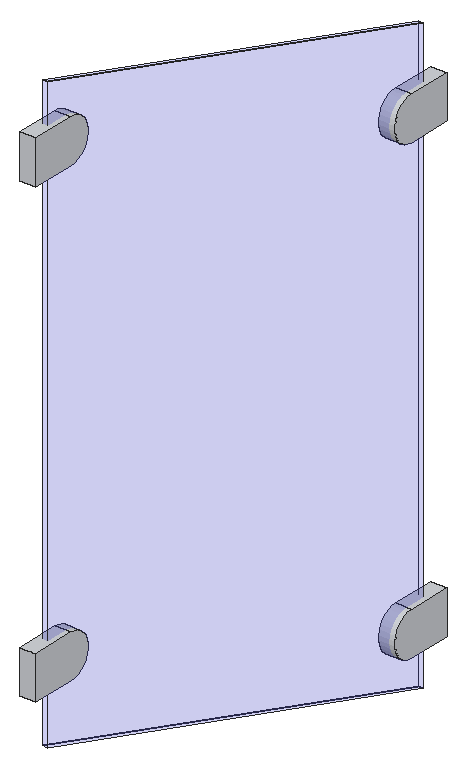
Revit family "난간동자 패널 - 브래킷이 있는 유리", category 난간동자, Revit 2026
Family settings
  항상 수직 = 예
  로드될 때 보이드를 사용하여 절단 = 아니오
  공유 = 아니오
Parameters (values of type "600mm(25mm 간격)")
  built-in parameter 1008623 [instance] = (empty or 0)
  두께 [instance] = 6 mm
  built-in parameter 1008625 [instance] = 18.00°
  Post = no
  패널 재료 = 유리
  폭 [instance] = 600 mm
  패널 간격 = 25 mm
  브래킷 간격띄우기 = 100 mm
  브래킷 재료 = none
  built-in parameter 1008624 [instance] = (empty or 0)
  built-in parameter 1008622 [instance] = 750 mm
Types (3, lengths in mm): name | 폭
  (no name) | 600
  600mm(25mm 간격) | 600
  450mm(25mm 간격) | 450
Reference planes
  plane 1 "중심(앞/뒤)": y = 0
  plane 2: z = 0
  plane 3 "중심(왼쪽/오른쪽)": x = 3.175
  plane 4 "상단": z = 750
  plane 5 "경사 각도(상단)": through (0, 220.419, 678.381) normal (0, -0.309, -0.9511)
  plane 6 "경사 각도(하단)": through (0, 0, 0) normal (0, -0.309, -0.9511)
  plane 7 "앞면": y = 300
  plane 8 "뒤로": y = -300
  plane 9: x = 0.175
  plane 10: x = 6.175
  plane 11: x = -6.175
  plane 12: x = 12.525
Forms (mm)
  Extrusion 1, solid, material "유리" <- "패널 재료"
    sketch origin (3.175, 0, 0) x (0, 1, 0) y (0, 0, 1)
      loop
        line (275, -63.066) -> (275, 634.361) -> (-275, 813.066) -> (-275, 115.639) -> (275, -63.066)
    from -3 to 3
  Extrusion 2, solid, material <- "브래킷 재료"
    sketch origin (3.175, 0, 0) x (0, 1, 0) y (0, 0, 1)
      loop
        line (300, 33.07) -> (249.2, 33.07)
        arc (249.2, 33.07) -> (223.8, 7.67) -> (249.2, -17.73) r 25.4
        line (249.2, -17.73) -> (300, -17.73) -> (300, 33.07)
    from -9.35 to 9.35
  Extrusion 3, solid, material <- "브래킷 재료"
    sketch origin (3.175, 0, 0) x (0, 1, 0) y (0, 0, 1)
      loop
        line (-300, 228.022) -> (-300, 177.222) -> (-249.2, 177.222)
        arc (-249.2, 177.222) -> (-223.8, 202.622) -> (-249.2, 228.022) r 25.4
        line (-249.2, 228.022) -> (-300, 228.022)
    from -9.35 to 9.35
  Extrusion 4, solid, material <- "브래킷 재료"
    sketch origin (3.175, 0, 0) x (0, 1, 0) y (0, 0, 1)
      loop
        line (300, 572.778) -> (249.2, 572.778)
        arc (249.2, 572.778) -> (223.8, 547.378) -> (249.2, 521.978) r 25.4
        line (249.2, 521.978) -> (300, 521.978) -> (300, 572.778)
    from -9.35 to 9.35
  Extrusion 5, solid, material <- "브래킷 재료"
    sketch origin (3.175, 0, 0) x (0, 1, 0) y (0, 0, 1)
      loop
        line (-300, 767.73) -> (-300, 716.93) -> (-249.2, 716.93)
        arc (-249.2, 716.93) -> (-223.8, 742.33) -> (-249.2, 767.73) r 25.4
        line (-249.2, 767.73) -> (-300, 767.73)
    from -9.35 to 9.35
Lines and regions (mm)
  model lines, style "InvisibleLines"
    curve 1: line (3.175, 300, 626.238) -> (3.175, -300, 821.189)
    curve 2: line (3.175, 300, -71.189) -> (3.175, -300, 123.762)
    curve 3: line (3.175, 275, -89.353) -> (3.175, 275, 660.647)
    curve 4: line (3.175, -275, 89.353) -> (3.175, -275, 839.353)
  symbolic lines, style "InvisibleLines"
    curve 5: line (0, 300, 7.67) -> (0, -300, 202.622)
    curve 6: line (0, 300, 547.378) -> (0, -300, 742.33)
Text (mm)
  text "난간동자 패널 입면도" at (0, 1279.138, 1234.25), in view "왼쪽"
Dimensions and locks
  "built-in parameter 1008622": plane 2 to plane 4 "상단"
  "폭": plane 8 "뒤로" to plane 7 "앞면"
  equal spacing: plane 8 "뒤로", plane 1 "중심(앞/뒤)", plane 7 "앞면"
  "두께": plane 9 to plane 10
  equal spacing: plane 9, plane 3 "중심(왼쪽/오른쪽)", plane 10
  "패널 간격": curve 1 to plane 5 "경사 각도(상단)"  (x2)
  "패널 간격": plane 6 "경사 각도(하단)" to curve 2  (x2)
  "패널 간격": plane 7 "앞면" to curve 3  (x2)
  "패널 간격": curve 4 to plane 8 "뒤로"  (x2)
  "브래킷 간격띄우기": plane 6 "경사 각도(하단)" to curve 5  (x2)
  locked: curve 5 to Extrusion 2 sketch curve at 25.4
  locked: Extrusion 2 sketch curve to curve 5 at 25.4
  locked: plane 11 to plane 9 at 6.35
  locked: plane 10 to plane 12 at 6.35
  locked: Extrusion 3 sketch curve to curve 5 at 25.4
  locked: curve 5 to Extrusion 3 sketch curve at 25.4
  "브래킷 간격띄우기": curve 6 to plane 5 "경사 각도(상단)"  (x2)
  locked: curve 6 to Extrusion 4 sketch curve at 25.4
  locked: Extrusion 4 sketch curve to curve 6 at 25.4
  locked: Extrusion 5 sketch curve to curve 6 at 25.4
  locked: curve 6 to Extrusion 5 sketch curve at 25.4
  "built-in parameter 1008625": angle plane 4 "상단" to plane 5 "경사 각도(상단)"
  "built-in parameter 1008625": angle level to plane 6 "경사 각도(하단)"
  aligned and locked: plane 9 to Extrusion 1
  aligned and locked: Extrusion 1 to plane 10
  aligned and locked: plane 8 "뒤로" to curve 2
  aligned and locked: plane 7 "앞면" to curve 2
  aligned and locked: plane 5 "경사 각도(상단)" to curve 4
  aligned and locked: plane 6 "경사 각도(하단)" to curve 4
  aligned and locked: plane 5 "경사 각도(상단)" to curve 3
  aligned and locked: plane 6 "경사 각도(하단)" to curve 3
  aligned and locked: curve 1 to Extrusion 1 sketch curve
  aligned and locked: Extrusion 1 sketch curve to curve 2
  aligned and locked: Extrusion 1 sketch curve to curve 4
  aligned and locked: curve 3 to Extrusion 1 sketch curve
  aligned and locked: plane 8 "뒤로" to curve 5
  aligned and locked: plane 7 "앞면" to Extrusion 2 sketch curve
  aligned and locked: plane 11 to Extrusion 2
  aligned and locked: Extrusion 2 to plane 12
  aligned and locked: Extrusion 3 to plane 12
  aligned and locked: plane 11 to Extrusion 3
  aligned and locked: plane 8 "뒤로" to curve 6
  aligned and locked: plane 7 "앞면" to curve 6
  aligned and locked: Extrusion 4 sketch curve to plane 7 "앞면"
  aligned and locked: plane 11 to Extrusion 5
  aligned and locked: Extrusion 5 to plane 12
  aligned and locked: plane 11 to Extrusion 4
  aligned and locked: Extrusion 4 to plane 12
Automatic sketch dimensions
  plane 7 "앞면" to Extrusion 2 sketch curve = 50.8 mm
  Extrusion 3 sketch curve to plane 8 "뒤로" = 0 mm
  Extrusion 3 sketch curve to Extrusion 3 sketch curve = 50.8 mm
  curve 5 to plane 7 "앞면" = 0 mm
  curve 1 to plane 7 "앞면" = 0 mm
  curve 1 to plane 8 "뒤로" = 0 mm
  plane 7 "앞면" to Extrusion 4 sketch curve = 50.8 mm
  Extrusion 5 sketch curve to plane 8 "뒤로" = 0 mm
  Extrusion 5 sketch curve to Extrusion 5 sketch curve = 50.8 mm
